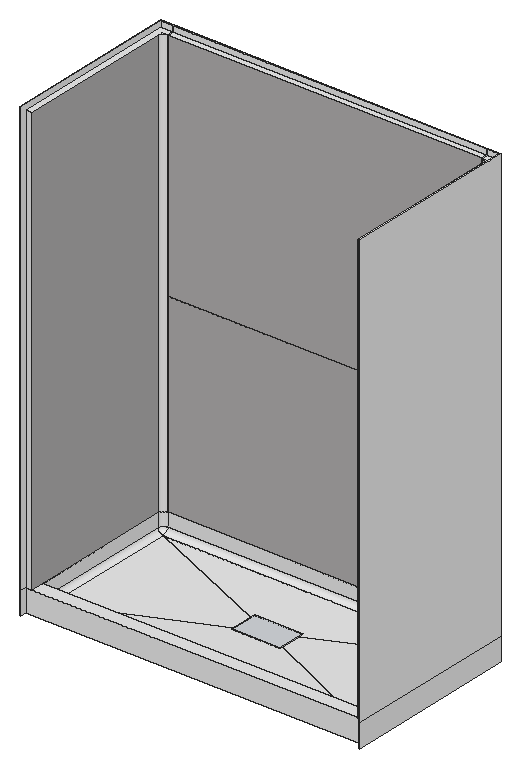
Revit family "5LRS6030FBSQ.V2", category Plumbing Fixtures, Revit 2019
Family settings
  Round Connector Dimension = Use Diameter
  Part Type = Normal
  OmniClass Number = 23.45.05.14.17
  OmniClass Title = Showers
  Work Plane-Based = No
  Always vertical = Yes
  Cut with Voids When Loaded = No
  Shared = No
  Room Calculation Point = No
Parameters (values of type "5LRS6030FBSQ.V2")
  Unit Width = 60"
  Unit Height = 80 1/2"
  Unit Depth = 31"
  URL = "http://www.bestbath.com/"
  Type Comments = "Remodeler"
  Model = "5LRS6030FBSQ.V2"
  Material [instance] = Best Bath Gelcoat Fiberglass - Diamond Tile
  Manufacturer = "Best Bath Systems, Inc."
  Keynote = "22 40 00.B3"
  Description = "Real Tile Finish"
  Assembly Code = "D2010710"
Reference planes (in)
  plane 1 "Back": y = -0.5
  plane 2: z = 0
  plane 3 "Left": x = 0
  plane 4: x = 60
  plane 5: y = -30.5
  plane 6: z = 79.5
  plane 7: z = 0.75
  plane 8: z = 80.5
  plane 9: x = 30
  plane 10: y = -1.75
  plane 11: y = -14.5
  plane 12: z = 0.375
  plane 13: z = 4
  plane 14: z = 38.25
  plane 15: y = -31.5
Forms (in)
  Extrusion 1, solid, material "Best Bath Gelcoat Fiberglass - Smooth"
    sketch origin (0, 0, 0) x (1, 0, 0) y (0, 1, 0)
      loop
        line (0, -0.5) -> (0, -30.5) -> (60, -30.5) -> (60, -0.5) -> (0, -0.5)
    from 0 to 0.75
  Extrusion 2, solid, material "Best Bath Gelcoat Fiberglass - Smooth"
    sketch origin (0, 0, 0) x (1, 0, 0) y (0, 1, 0)
      loop
        line (1.25, -0.5) -> (1.25, -1.75) -> (57.75, -1.75) -> (57.75, -0.5) -> (1.25, -0.5)
    from 4 to 38.25
  Extrusion 3, solid, material "Best Bath Gelcoat Fiberglass - Smooth"
    sketch origin (0, 0, 0) x (1, 0, 0) y (0, 1, 0)
      loop
        line (0, -30.5) -> (1.25, -30.5) -> (1.25, -2.75)
        arc (1.25, -2.75) -> (1.54289, -2.04289) -> (2.25, -1.75) r 1
        line (2.25, -1.75) -> (57.75, -1.75)
        arc (57.75, -1.75) -> (58.45711, -2.04289) -> (58.75, -2.75) r 1
        line (58.75, -2.75) -> (58.75, -30.5) -> (60, -30.5) -> (60, -0.5) -> (0, -0.5) -> (0, -30.5)
    from 0 to 4
  Extrusion 4, solid, material "Best Bath Gelcoat Fiberglass - Smooth"
    sketch origin (0, 0, 0) x (1, 0, 0) y (0, 1, 0)
      loop
        line (0, -30.5) -> (1.25, -30.5) -> (1.25, -2.75)
        arc (1.25, -2.75) -> (1.54289, -2.04289) -> (2.25, -1.75) r 1
        line (2.25, -1.75) -> (2.25, -0.5) -> (0, -0.5) -> (0, -30.5)
      loop
        line (58.75, -30.5) -> (60, -30.5) -> (60, -0.5) -> (57.75, -0.5) -> (57.75, -1.75)
        arc (57.75, -1.75) -> (58.45711, -2.04289) -> (58.75, -2.75) r 1
        line (58.75, -2.75) -> (58.75, -30.5)
    from 4 to 79.5
  Sweep 5, solid, material "Best Bath Gelcoat Fiberglass - Smooth"
    path origin (0, 0, 0) x (1, 0, 0) y (0, 1, 0)
      loop
        line (1.25, -30.5) -> (1.25, -2.75)
        arc (1.25, -2.75) -> (1.54289, -2.04289) -> (2.25, -1.75) r 1
        line (2.25, -1.75) -> (57.75, -1.75)
        arc (57.75, -1.75) -> (58.45711, -2.04289) -> (58.75, -2.75) r 1
        line (58.75, -2.75) -> (58.75, -30.5)
    profile origin (1.25, -16.625, 0) x (-1, 0, 0) y (0, 0, 1)
      loop
        line (0, 0.75) -> (0, 1.7)
        arc (0, 1.7) -> (-0.27825, 1.02825) -> (-0.95, 0.75) r 0.95
        line (-0.95, 0.75) -> (0, 0.75)
  Blend 6, void
    base sketch origin (0, 0, 0) x (1, 0, 0) y (0, 1, 0)
      loop
        line (2.25, -27.5) -> (57.75, -27.5) -> (57.75, -2.75) -> (2.25, -2.75) -> (2.25, -27.5)
    top sketch origin (0, 0, 0) x (1, 0, 0) y (0, 1, 0)
      loop
        circle (30, -14.5) r 0.07155
    from 0.75 to 0.375
  Extrusion 7, solid, material "Best Bath Gelcoat Fiberglass - Smooth"
    sketch origin (0, 0, 0) x (1, 0, 0) y (0, 1, 0)
      loop
        line (1.25, -0.5) -> (1.25, -1.75) -> (57.75, -1.75) -> (57.75, -0.5) -> (1.25, -0.5)
    from 38.25 to 79.5
  Sweep 8, solid, material "Best Bath Gelcoat Fiberglass - Smooth"
    path origin (0, 0, 0) x (1, 0, 0) y (0, 1, 0)
      loop
        line (1.25, -30.5) -> (58.75, -30.5)
    profile origin (30, -30.5, 0) x (0, 1, 0) y (0, 0, 1)
      loop
        line (0, 0) -> (3.15, 0) -> (2.35, 4) -> (0, 4) -> (0, 0)
  Extrusion 9, solid, material "Best Bath Gelcoat Fiberglass - Smooth"
    sketch origin (0, 0, 0) x (1, 0, 0) y (0, 1, 0)
      loop
        line (0, -30.5) -> (0, -31.5) -> (0.125, -31.5) -> (0.125, -30.5) -> (0, -30.5)
      loop
        line (60, -30.5) -> (59.875, -30.5) -> (59.875, -31.5) -> (60, -31.5) -> (60, -30.5)
    from 0 to 4
  Extrusion 10, solid, material "Best Bath Gelcoat Fiberglass - Smooth"
    sketch origin (0, 0, 0) x (1, 0, 0) y (0, 1, 0)
      loop
        line (2.25, -0.5) -> (2.25, -0.625) -> (57.75, -0.625) -> (57.75, -0.5) -> (2.25, -0.5)
    from 79.5 to 80.5
  Extrusion 11, solid, material "Best Bath Gelcoat Fiberglass - Smooth"
    sketch origin (0, 0, 0) x (1, 0, 0) y (0, 1, 0)
      loop
        line (0, -31.5) -> (0.125, -31.5) -> (0.125, -0.625) -> (2.25, -0.625) -> (2.25, -0.5) -> (0, -0.5) -> (0, -31.5)
      loop
        line (60, -31.5) -> (60, -0.5) -> (57.75, -0.5) -> (57.75, -0.625) -> (59.875, -0.625) -> (59.875, -31.5) -> (60, -31.5)
    from 4 to 80.5
  Extrusion 12, void
    sketch origin (0, 0, 0.75) x (0, 1, 0) y (1, 0, 0)
      loop
        line (-12, 25.75) -> (-12, 34.25) -> (-17, 34.25) -> (-17, 25.75) -> (-12, 25.75)
    from 0 to 0.5
  Extrusion 13, void
    sketch origin (0, 0, 0.75) x (0, 1, 0) y (1, 0, 0)
      loop
        circle (-14.5, 30) r 1.25
    from 0 to 1
  Extrusion 14, solid
    sketch origin (0, 0, 0.25) x (0, 1, 0) y (-1, 0, 0)
      loop
        line (-12, -25.75) -> (-17, -25.75) -> (-17, -34.25) -> (-12, -34.25) -> (-12, -25.75)
    from 0 to 0.25
Cuts and joins
  Blend 6, Extrusion 12, Extrusion 13 cuts Extrusion 1
  Blend 6, Extrusion 12, Extrusion 13 cuts Extrusion 3
  Blend 6, Extrusion 12, Extrusion 13 cuts Sweep 5
  Extrusion 12, Extrusion 13 cuts Sweep 8
  Extrusion 12, Extrusion 13 cuts Extrusion 9
  joined: Extrusion 1, Extrusion 3, Sweep 5, Sweep 8, Extrusion 9
  joined: Extrusion 7, Extrusion 10
  joined: Extrusion 4, Extrusion 11
Dimensions and locks (in)
  "Unit Width": plane 3 "Left" to plane 4
  locked: plane 7 to level at 0.75
  locked: plane 8 to plane 6 at 1
  "Unit Height": plane 8 to level
  plane 3 "Left" to plane 9 to plane 4 = 30", 30"
  locked: plane 1 "Back" to plane 11 at 14
  plane 10 to plane 1 "Back" = 1 1/4"
  locked: plane 7 to plane 12 at 0.375
  locked: plane 14 to plane 13 at 34.25
  locked: plane 13 to level at 4
  locked: plane 5 to plane 15 at 1
  "Unit Depth": plane 15 to plane 1 "Back"
  aligned and locked: level to plane 2
  aligned and locked: Extrusion 1 to plane 7
  aligned and locked: plane 5 to Extrusion 1 sketch curve
  aligned and locked: plane 4 to Extrusion 1 sketch curve
  aligned and locked: Extrusion 2 sketch curve to Extrusion 1
  aligned and locked: Extrusion 2 sketch curve to plane 10
  aligned and locked: plane 13 to Extrusion 3
  aligned and locked: Extrusion 2 to plane 13
  aligned and locked: Extrusion 4 to Extrusion 2
  aligned and locked: plane 6 to Extrusion 4
  aligned and locked: Sweep 5 sketch curve to plane 7
  aligned and locked: plane 11 to Blend 6 sketch curve
  aligned and locked: plane 9 to Blend 6 sketch curve
  aligned and locked: Blend 6 to plane 12
  aligned and locked: Extrusion 1 to Blend 6
  aligned and locked: plane 14 to Extrusion 2
  aligned and locked: Extrusion 7 to Extrusion 2  (x2)
  aligned and locked: plane 6 to Extrusion 7
  aligned and locked: Extrusion 9 to Extrusion 2
  aligned and locked: plane 8 to Extrusion 10
  aligned and locked: Extrusion 10 to plane 6
  aligned and locked: Extrusion 11 to Extrusion 2
  aligned and locked: plane 8 to Extrusion 11
  aligned and locked: Extrusion 7 to cut or joined group of Extrusion 1, Extrusion 3, Sweep 5, Blend 6, Sweep 8, Extrusion 9, Extrusion 12, Extrusion 13
  aligned and locked: Extrusion 2 to cut or joined group of Extrusion 1, Extrusion 3, Sweep 5, Blend 6, Sweep 8, Extrusion 9, Extrusion 12, Extrusion 13
  aligned and locked: Extrusion 2 to cut or joined group of Extrusion 4, Extrusion 11
  aligned and locked: Extrusion 3 to Sweep 5
Automatic sketch dimensions
  Extrusion 3 sketch curve to plane 3 "Left" = 0"
  Extrusion 3 sketch curve to plane 5 = 0"  (x2)
  Extrusion 3 sketch curve to plane 10 = 0"
  plane 1 "Back" to Extrusion 3 sketch curve = 0"
  Extrusion 3 sketch curve to plane 4 = 0"
  plane 3 "Left" to Extrusion 3 sketch curve = 1 1/4"
  Extrusion 3 sketch curve to plane 10 = 1"
  plane 4 to Extrusion 3 sketch curve = 2 1/4"
  plane 4 to Extrusion 3 sketch curve = 1 1/4"
  Sweep 5 sketch curve to plane 5 = 0"  (x2)
  Sweep 5 sketch curve to plane 10 = 0"
  plane 3 "Left" to Sweep 5 sketch curve = 1 1/4"
  Sweep 5 sketch curve to Sweep 5 sketch curve = 1"
  Sweep 5 sketch curve to plane 10 = 1"
  plane 4 to Sweep 5 sketch curve = 2 1/4"
  Sweep 5 sketch curve to profile plane = 0"
  profile plane to Sweep 5 sketch curve = 0.95"
  Blend 6 sketch curve to plane 10 = 1"
  plane 3 "Left" to Blend 6 sketch curve = 2 1/4"
  plane 4 to Blend 6 sketch curve = 2 1/4"
  plane 5 to Blend 6 sketch curve = 3"
  plane 1 "Back" to Extrusion 7 sketch curve = 0"
  Extrusion 7 sketch curve to plane 10 = 0"
  plane 3 "Left" to Extrusion 7 sketch curve = 1 1/4"
  plane 4 to Extrusion 7 sketch curve = 2 1/4"
  Sweep 8 sketch curve to plane 5 = 0"
  plane 3 "Left" to Sweep 8 sketch curve = 1 1/4"
  plane 4 to Sweep 8 sketch curve = 1 1/4"
  Extrusion 9 sketch curve to plane 3 "Left" = 0"
  Extrusion 9 sketch curve to plane 15 = 0"  (x2)
  Extrusion 9 sketch curve to plane 5 = 0"  (x2)
  Extrusion 9 sketch curve to plane 4 = 0"
  plane 3 "Left" to Extrusion 9 sketch curve = 1/8"
  Extrusion 9 sketch curve to Extrusion 9 sketch curve = 1/8"
  plane 1 "Back" to Extrusion 10 sketch curve = 0"
  plane 1 "Back" to Extrusion 10 sketch curve = 1/8"
  plane 3 "Left" to Extrusion 10 sketch curve = 2 1/4"
  plane 4 to Extrusion 10 sketch curve = 2 1/4"
  Extrusion 11 sketch curve to plane 3 "Left" = 0"
  Extrusion 11 sketch curve to plane 15 = 0"  (x2)
  plane 1 "Back" to Extrusion 11 sketch curve = 0"  (x2)
  Extrusion 11 sketch curve to plane 4 = 0"
  plane 3 "Left" to Extrusion 11 sketch curve = 1/8"
  plane 1 "Back" to Extrusion 11 sketch curve = 1/8"  (x2)
  Extrusion 11 sketch curve to Extrusion 11 sketch curve = 2 1/8"
  Extrusion 11 sketch curve to Extrusion 11 sketch curve = 2 1/4"
  Extrusion 11 sketch curve to Extrusion 11 sketch curve = 1/8"
  Sweep 8 sketch curve to profile plane = 0"  (x2)
  Sweep 8 sketch curve to profile plane = 2.35"
  Sweep 8 sketch curve to profile plane = 3.15"
  profile plane to Sweep 8 sketch curve = 4"
  Extrusion 1 sketch curve to plane 3 "Left" = 0"
  plane 1 "Back" to Extrusion 1 sketch curve = 0"
  Extrusion 12 sketch curve to Extrusion 1 = 25 3/4"
  Extrusion 12 sketch curve to Extrusion 12 sketch curve = 8 1/2"
  Extrusion 12 sketch curve to Extrusion 1 = 13 1/2"
  Extrusion 12 sketch curve to Extrusion 12 sketch curve = 5"
  Extrusion 13 sketch curve to Extrusion 1 = 14"
  Extrusion 13 sketch curve to Extrusion 1 = 30"
  Extrusion 14 sketch curve to Extrusion 12 = 0"  (x4)
  plane 3 "Left" to Extrusion 2 sketch curve = 1 1/4"
  plane 4 to Extrusion 2 sketch curve = 2 1/4"
  plane 1 "Back" to Extrusion 4 sketch curve = 0"  (x2)
  Extrusion 4 sketch curve to plane 3 "Left" = 0"
  Extrusion 4 sketch curve to plane 5 = 0"  (x2)
  Extrusion 4 sketch curve to plane 10 = 0"  (x2)
  Extrusion 4 sketch curve to plane 4 = 0"
  plane 3 "Left" to Extrusion 4 sketch curve = 1 1/4"
  Extrusion 4 sketch curve to plane 10 = 1"  (x2)
  plane 4 to Extrusion 4 sketch curve = 2 1/4"
  radius of Blend 6 sketch curve = 0.07155"
  radius of Extrusion 13 sketch curve = 1 1/4"
